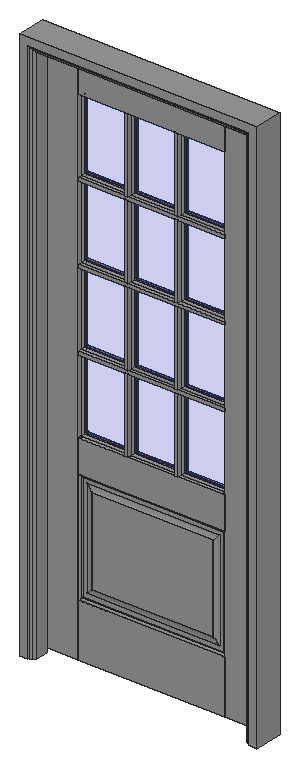
Revit family "I813G12", category Doors, host Wall, Revit 2013
Parameters (values of type "I813G12")
  Function = Interior
  Frame Projection Ext. = 25 mm
  Frame Projection Int. = 25 mm
  Frame Width = 75 mm
  Height = 2090 mm
  Wall Closure = By host
  Width = 889 mm
Reference planes
  plane 1: y = 0
  plane 2 "Center (Left/Right)": x = 0
  plane 3 "Left": x = -444.5
  plane 4 "Right": x = 444.5
  plane 5: z = 2090
  plane 6 "Exterior": y = 75
  plane 7 "Interior": y = -75
Forms (mm)
  Sweep 1, solid, material "Lauan, Meranti"
    path origin (0, 75, 0) x (1, 0, 0) y (0, 0, 1)
      loop
        line (444.5, 0) -> (444.5, 2090) -> (-444.5, 2090) -> (-444.5, 0)
    profile "Van Acht 105x50 Door Frame Routed Profile (Heavy) : Van Acht 105x50 Door Frame Routed Profile (Heavy)" origin (444.5, 75, 1045) x (-1, 0, 0) y (0, -1, 0)
      loop
        line (0, 22.5) -> (38, 22.5) -> (38, 67.5) -> (50, 67.5) -> (50, 112.5)
        arc (50, 112.5) -> (44.957, 114.29) -> (42.17, 118.859) r 8
        line (42.17, 118.859) -> (39, 118.859)
        arc (39, 118.859) -> (35.311, 122.973) -> (30, 124.5) r 10
        line (30, 124.5) -> (30, 127.5) -> (0, 127.5) -> (0, 22.5)
  Extrusion 2, solid, material "Lauan, Meranti"
    sketch origin (0, -85, 0) x (0, 1, 0) y (0, 0, 1)
      loop
        line (132.5, 20) -> (132.5, 221) -> (130.5, 221)
        arc (130.5, 221) -> (128.866, 225.67) -> (124.5, 228) r 6.807
        line (124.5, 228) -> (124.5, 230) -> (122.5, 230) -> (122.5, 215) -> (102.5, 215) -> (102.5, 230) -> (100.5, 230) -> (100.5, 228)
        arc (100.5, 228) -> (96.134, 225.67) -> (94.5, 221) r 6.807
        line (94.5, 221) -> (92.5, 221) -> (92.5, 20) -> (132.5, 20)
      loop
        line (132.5, 644) -> (132.5, 766) -> (130.5, 766)
        arc (130.5, 766) -> (128.866, 770.67) -> (124.5, 773) r 6.807
        line (124.5, 773) -> (124.5, 775) -> (122.5, 775) -> (122.5, 766) -> (92.5, 766) -> (92.5, 644) -> (94.5, 644)
        arc (94.5, 644) -> (96.134, 639.33) -> (100.5, 637) r 6.807
        line (100.5, 637) -> (100.5, 635) -> (102.5, 635) -> (102.5, 650) -> (122.5, 650) -> (122.5, 635) -> (124.5, 635) -> (124.5, 637)
        arc (124.5, 637) -> (128.866, 639.33) -> (130.5, 644) r 6.807
        line (130.5, 644) -> (132.5, 644)
      loop
        line (130.5, 1921) -> (132.5, 1921) -> (132.5, 2052) -> (92.5, 2052) -> (92.5, 1921) -> (122.5, 1921) -> (122.5, 1912) -> (124.5, 1912) -> (124.5, 1914)
        arc (124.5, 1914) -> (128.866, 1916.33) -> (130.5, 1921) r 6.807
    from -275.5 to 275.5
  Extrusion 3, solid, material "Lauan, Meranti"
    sketch origin (0, 0, 0) x (1, 0, 0) y (0, 1, 0)
      loop
        line (-406.5, 47.5) -> (-406.5, 7.5) -> (-275.5, 7.5) -> (-275.5, 9.5)
        arc (-275.5, 9.5) -> (-270.765, 11.06) -> (-268.5, 15.5) r 6.549
        line (-268.5, 15.5) -> (-266.5, 15.5) -> (-266.5, 17.5) -> (-281.5, 17.5) -> (-281.5, 37.5) -> (-266.5, 37.5) -> (-266.5, 39.5) -> (-268.5, 39.5)
        arc (-268.5, 39.5) -> (-270.765, 43.94) -> (-275.5, 45.5) r 6.549
        line (-275.5, 45.5) -> (-275.5, 47.5) -> (-406.5, 47.5)
      loop
        line (406.5, 47.5) -> (275.5, 47.5) -> (275.5, 45.5)
        arc (275.5, 45.5) -> (270.765, 43.94) -> (268.5, 39.5) r 6.549
        line (268.5, 39.5) -> (266.5, 39.5) -> (266.5, 37.5) -> (281.5, 37.5) -> (281.5, 17.5) -> (266.5, 17.5) -> (266.5, 15.5) -> (268.5, 15.5)
        arc (268.5, 15.5) -> (270.765, 11.06) -> (275.5, 9.5) r 6.549
        line (275.5, 9.5) -> (275.5, 7.5) -> (406.5, 7.5) -> (406.5, 47.5)
    from 20 to 766
  Extrusion 4, solid, material "Lauan, Meranti"
    sketch origin (0, 0, 0) x (1, 0, 0) y (0, 1, 0)
      loop
        line (-406.5, 47.5) -> (-406.5, 7.5) -> (-275.5, 7.5) -> (-275.5, 37.5) -> (-266.5, 37.5) -> (-266.5, 39.5) -> (-268.5, 39.5)
        arc (-268.5, 39.5) -> (-270.765, 43.94) -> (-275.5, 45.5) r 6.549
        line (-275.5, 45.5) -> (-275.5, 47.5) -> (-406.5, 47.5)
      loop
        line (406.5, 47.5) -> (275.5, 47.5) -> (275.5, 45.5)
        arc (275.5, 45.5) -> (270.765, 43.94) -> (268.5, 39.5) r 6.549
        line (268.5, 39.5) -> (266.5, 39.5) -> (266.5, 37.5) -> (275.5, 37.5) -> (275.5, 7.5) -> (406.5, 7.5) -> (406.5, 47.5)
    from 766 to 2052
  Extrusion 5, solid, material "Lauan, Meranti"
    sketch origin (-376.5, 55, 0) x (0, -1, 0) y (0, 0, -1)
      loop
        line (17.5, -1620) -> (15.5, -1620) -> (15.5, -1622)
        arc (15.5, -1622) -> (11.134, -1624.33) -> (9.5, -1629) r 6.807
        line (9.5, -1629) -> (7.5, -1629) -> (7.5, -1642) -> (9.5, -1642)
        arc (9.5, -1642) -> (11.134, -1646.67) -> (15.5, -1649) r 6.807
        line (15.5, -1649) -> (15.5, -1651) -> (17.5, -1651) -> (17.5, -1642) -> (47.5, -1642) -> (47.5, -1629) -> (17.5, -1629) -> (17.5, -1620)
      loop
        line (17.5, -1328) -> (15.5, -1328) -> (15.5, -1330)
        arc (15.5, -1330) -> (11.134, -1332.33) -> (9.5, -1337) r 6.807
        line (9.5, -1337) -> (7.5, -1337) -> (7.5, -1350) -> (9.5, -1350)
        arc (9.5, -1350) -> (11.134, -1354.67) -> (15.5, -1357) r 6.807
        line (15.5, -1357) -> (15.5, -1359) -> (17.5, -1359) -> (17.5, -1350) -> (47.5, -1350) -> (47.5, -1337) -> (17.5, -1337) -> (17.5, -1328)
      loop
        line (17.5, -1036) -> (15.5, -1036) -> (15.5, -1038)
        arc (15.5, -1038) -> (11.134, -1040.33) -> (9.5, -1045) r 6.807
        line (9.5, -1045) -> (7.5, -1045) -> (7.5, -1058) -> (9.5, -1058)
        arc (9.5, -1058) -> (11.134, -1062.67) -> (15.5, -1065) r 6.807
        line (15.5, -1065) -> (15.5, -1067) -> (17.5, -1067) -> (17.5, -1058) -> (47.5, -1058) -> (47.5, -1045) -> (17.5, -1045) -> (17.5, -1036)
    from 101 to 652
  Extrusion 6, solid, material "Lauan, Meranti"
    sketch origin (-129.357, 55, 1439.918) x (1, 0, 0) y (0, 1, 0)
      loop
        line (207.857, -17.5) -> (216.857, -17.5) -> (216.857, -47.5) -> (229.857, -47.5) -> (229.857, -17.5) -> (238.857, -17.5) -> (238.857, -15.5) -> (236.857, -15.5)
        arc (236.857, -15.5) -> (234.528, -11.134) -> (229.857, -9.5) r 6.807
        line (229.857, -9.5) -> (229.857, -7.5) -> (216.857, -7.5) -> (216.857, -9.5)
        arc (216.857, -9.5) -> (212.187, -11.134) -> (209.857, -15.5) r 6.807
        line (209.857, -15.5) -> (207.857, -15.5) -> (207.857, -17.5)
      loop
        line (50.857, -17.5) -> (50.857, -15.5) -> (48.857, -15.5)
        arc (48.857, -15.5) -> (46.528, -11.134) -> (41.857, -9.5) r 6.807
        line (41.857, -9.5) -> (41.857, -7.5) -> (28.857, -7.5) -> (28.857, -9.5)
        arc (28.857, -9.5) -> (24.187, -11.134) -> (21.857, -15.5) r 6.807
        line (21.857, -15.5) -> (19.857, -15.5) -> (19.857, -17.5) -> (28.857, -17.5) -> (28.857, -47.5) -> (41.857, -47.5) -> (41.857, -17.5) -> (50.857, -17.5)
    from 202.082 to 481.082
  Extrusion 7, solid, material "Glass"
    sketch origin (-239.333, 87, -73) x (1, 0, 0) y (0, 0, 1)
      loop
        line (514.833, 1994) -> (339.833, 1994) -> (339.833, 1715) -> (514.833, 1715) -> (514.833, 1994)
    from 49.5 to 57.5
  Sweep 8, solid, material "Lauan, Meranti"
    path origin (-216.012, -20, -73) x (1, 0, 0) y (0, 0, -1)
      loop
        line (491.512, -1994) -> (491.512, -1715) -> (316.5, -1715) -> (316.5, -1994) -> (491.512, -1994)
    profile origin (187.994, -20, 1921) x (0, 0, 1) y (0, 1, 0)
      loop
        line (-9, 49.5) -> (-9, 47.5) -> (-7, 47.5)
        arc (-7, 47.5) -> (-4.67, 43.134) -> (0, 41.5) r 6.807
        line (0, 41.5) -> (0, 49.5) -> (-9, 49.5)
  Sweep 9, solid, material "Lauan, Meranti"
    path origin (336.5, 75, 0) x (1, 0, 0) y (0, 0, 1)
      loop
        line (-61, 644) -> (-612, 644) -> (-612, 221) -> (-61, 221) -> (-61, 644)
    profile origin (0, 75, 644) x (0, 0, -1) y (0, -1, 0)
      loop
        line (-4.5, 57.5) -> (-4.5, 37.5) -> (25.727, 37.5)
        arc (25.727, 37.5) -> (37.468, 35.847) -> (48.5, 31.5) r 50.456
        line (48.5, 31.5) -> (48.5, 63.5)
        arc (48.5, 63.5) -> (37.468, 59.153) -> (25.727, 57.5) r 50.456
        line (25.727, 57.5) -> (-4.5, 57.5)
  Extrusion 10, solid, material "Lauan, Meranti"
    sketch origin (336.5, 75, 0) x (1, 0, 0) y (0, 0, 1)
      loop
        line (-109.5, 595.5) -> (-563.5, 595.5) -> (-563.5, 269.5) -> (-109.5, 269.5) -> (-109.5, 595.5)
    from 31.5 to 63.5
  Extrusion 11, solid, material "Glass"
    sketch origin (-427.333, 87, -73) x (1, 0, 0) y (0, 0, 1)
      loop
        line (514.833, 1994) -> (339.833, 1994) -> (339.833, 1715) -> (514.833, 1715) -> (514.833, 1994)
    from 49.5 to 57.5
  Sweep 12, solid, material "Lauan, Meranti"
    path origin (-404.012, -20, -73) x (1, 0, 0) y (0, 0, -1)
      loop
        line (491.512, -1994) -> (491.512, -1715) -> (316.5, -1715) -> (316.5, -1994) -> (491.512, -1994)
    profile origin (-0.006, -20, 1921) x (0, 0, 1) y (0, 1, 0)
      loop
        line (-9, 49.5) -> (-9, 47.5) -> (-7, 47.5)
        arc (-7, 47.5) -> (-4.67, 43.134) -> (0, 41.5) r 6.807
        line (0, 41.5) -> (0, 49.5) -> (-9, 49.5)
  Extrusion 13, solid, material "Glass"
    sketch origin (-615.333, 87, -73) x (1, 0, 0) y (0, 0, 1)
      loop
        line (514.833, 1994) -> (339.833, 1994) -> (339.833, 1715) -> (514.833, 1715) -> (514.833, 1994)
    from 49.5 to 57.5
  Sweep 14, solid, material "Lauan, Meranti"
    path origin (-592.012, -20, -73) x (1, 0, 0) y (0, 0, -1)
      loop
        line (491.512, -1994) -> (491.512, -1715) -> (316.5, -1715) -> (316.5, -1994) -> (491.512, -1994)
    profile origin (-188.006, -20, 1921) x (0, 0, 1) y (0, 1, 0)
      loop
        line (-9, 49.5) -> (-9, 47.5) -> (-7, 47.5)
        arc (-7, 47.5) -> (-4.67, 43.134) -> (0, 41.5) r 6.807
        line (0, 41.5) -> (0, 49.5) -> (-9, 49.5)
  Extrusion 15, solid, material "Lauan, Meranti"
    sketch origin (-129.357, 55, 1147.927) x (1, 0, 0) y (0, 1, 0)
      loop
        line (207.857, -17.5) -> (216.857, -17.5) -> (216.857, -47.5) -> (229.857, -47.5) -> (229.857, -17.5) -> (238.857, -17.5) -> (238.857, -15.5) -> (236.857, -15.5)
        arc (236.857, -15.5) -> (234.528, -11.134) -> (229.857, -9.5) r 6.807
        line (229.857, -9.5) -> (229.857, -7.5) -> (216.857, -7.5) -> (216.857, -9.5)
        arc (216.857, -9.5) -> (212.187, -11.134) -> (209.857, -15.5) r 6.807
        line (209.857, -15.5) -> (207.857, -15.5) -> (207.857, -17.5)
      loop
        line (50.857, -17.5) -> (50.857, -15.5) -> (48.857, -15.5)
        arc (48.857, -15.5) -> (46.528, -11.134) -> (41.857, -9.5) r 6.807
        line (41.857, -9.5) -> (41.857, -7.5) -> (28.857, -7.5) -> (28.857, -9.5)
        arc (28.857, -9.5) -> (24.187, -11.134) -> (21.857, -15.5) r 6.807
        line (21.857, -15.5) -> (19.857, -15.5) -> (19.857, -17.5) -> (28.857, -17.5) -> (28.857, -47.5) -> (41.857, -47.5) -> (41.857, -17.5) -> (50.857, -17.5)
    from 202.082 to 481.082
  Extrusion 16, solid, material "Glass"
    sketch origin (-239.333, 87, -364.99) x (1, 0, 0) y (0, 0, 1)
      loop
        line (514.833, 1994) -> (339.833, 1994) -> (339.833, 1715) -> (514.833, 1715) -> (514.833, 1994)
    from 49.5 to 57.5
  Sweep 17, solid, material "Lauan, Meranti"
    path origin (-216.012, -20, -364.99) x (1, 0, 0) y (0, 0, -1)
      loop
        line (491.512, -1994) -> (491.512, -1715) -> (316.5, -1715) -> (316.5, -1994) -> (491.512, -1994)
    profile origin (187.994, -20, 1629.01) x (0, 0, 1) y (0, 1, 0)
      loop
        line (-9, 49.5) -> (-9, 47.5) -> (-7, 47.5)
        arc (-7, 47.5) -> (-4.67, 43.134) -> (0, 41.5) r 6.807
        line (0, 41.5) -> (0, 49.5) -> (-9, 49.5)
  Extrusion 18, solid, material "Glass"
    sketch origin (-427.333, 87, -364.99) x (1, 0, 0) y (0, 0, 1)
      loop
        line (514.833, 1994) -> (339.833, 1994) -> (339.833, 1715) -> (514.833, 1715) -> (514.833, 1994)
    from 49.5 to 57.5
  Sweep 19, solid, material "Lauan, Meranti"
    path origin (-404.012, -20, -364.99) x (1, 0, 0) y (0, 0, -1)
      loop
        line (491.512, -1994) -> (491.512, -1715) -> (316.5, -1715) -> (316.5, -1994) -> (491.512, -1994)
    profile origin (-0.006, -20, 1629.01) x (0, 0, 1) y (0, 1, 0)
      loop
        line (-9, 49.5) -> (-9, 47.5) -> (-7, 47.5)
        arc (-7, 47.5) -> (-4.67, 43.134) -> (0, 41.5) r 6.807
        line (0, 41.5) -> (0, 49.5) -> (-9, 49.5)
  Extrusion 20, solid, material "Glass"
    sketch origin (-615.333, 87, -364.99) x (1, 0, 0) y (0, 0, 1)
      loop
        line (514.833, 1994) -> (339.833, 1994) -> (339.833, 1715) -> (514.833, 1715) -> (514.833, 1994)
    from 49.5 to 57.5
  Sweep 21, solid, material "Lauan, Meranti"
    path origin (-592.012, -20, -364.99) x (1, 0, 0) y (0, 0, -1)
      loop
        line (491.512, -1994) -> (491.512, -1715) -> (316.5, -1715) -> (316.5, -1994) -> (491.512, -1994)
    profile origin (-188.006, -20, 1629.01) x (0, 0, 1) y (0, 1, 0)
      loop
        line (-9, 49.5) -> (-9, 47.5) -> (-7, 47.5)
        arc (-7, 47.5) -> (-4.67, 43.134) -> (0, 41.5) r 6.807
        line (0, 41.5) -> (0, 49.5) -> (-9, 49.5)
  Extrusion 22, solid, material "Lauan, Meranti"
    sketch origin (-129.357, 55, 855.927) x (1, 0, 0) y (0, 1, 0)
      loop
        line (207.857, -17.5) -> (216.857, -17.5) -> (216.857, -47.5) -> (229.857, -47.5) -> (229.857, -17.5) -> (238.857, -17.5) -> (238.857, -15.5) -> (236.857, -15.5)
        arc (236.857, -15.5) -> (234.528, -11.134) -> (229.857, -9.5) r 6.807
        line (229.857, -9.5) -> (229.857, -7.5) -> (216.857, -7.5) -> (216.857, -9.5)
        arc (216.857, -9.5) -> (212.187, -11.134) -> (209.857, -15.5) r 6.807
        line (209.857, -15.5) -> (207.857, -15.5) -> (207.857, -17.5)
      loop
        line (50.857, -17.5) -> (50.857, -15.5) -> (48.857, -15.5)
        arc (48.857, -15.5) -> (46.528, -11.134) -> (41.857, -9.5) r 6.807
        line (41.857, -9.5) -> (41.857, -7.5) -> (28.857, -7.5) -> (28.857, -9.5)
        arc (28.857, -9.5) -> (24.187, -11.134) -> (21.857, -15.5) r 6.807
        line (21.857, -15.5) -> (19.857, -15.5) -> (19.857, -17.5) -> (28.857, -17.5) -> (28.857, -47.5) -> (41.857, -47.5) -> (41.857, -17.5) -> (50.857, -17.5)
    from 202.082 to 481.082
  Extrusion 23, solid, material "Glass"
    sketch origin (-239.333, 87, -656.99) x (1, 0, 0) y (0, 0, 1)
      loop
        line (514.833, 1994) -> (339.833, 1994) -> (339.833, 1715) -> (514.833, 1715) -> (514.833, 1994)
    from 49.5 to 57.5
  Sweep 24, solid, material "Lauan, Meranti"
    path origin (-216.012, -20, -656.99) x (1, 0, 0) y (0, 0, -1)
      loop
        line (491.512, -1994) -> (491.512, -1715) -> (316.5, -1715) -> (316.5, -1994) -> (491.512, -1994)
    profile origin (187.994, -20, 1337.01) x (0, 0, 1) y (0, 1, 0)
      loop
        line (-9, 49.5) -> (-9, 47.5) -> (-7, 47.5)
        arc (-7, 47.5) -> (-4.67, 43.134) -> (0, 41.5) r 6.807
        line (0, 41.5) -> (0, 49.5) -> (-9, 49.5)
  Extrusion 25, solid, material "Glass"
    sketch origin (-427.333, 87, -656.99) x (1, 0, 0) y (0, 0, 1)
      loop
        line (514.833, 1994) -> (339.833, 1994) -> (339.833, 1715) -> (514.833, 1715) -> (514.833, 1994)
    from 49.5 to 57.5
  Sweep 26, solid, material "Lauan, Meranti"
    path origin (-404.012, -20, -656.99) x (1, 0, 0) y (0, 0, -1)
      loop
        line (491.512, -1994) -> (491.512, -1715) -> (316.5, -1715) -> (316.5, -1994) -> (491.512, -1994)
    profile origin (-0.006, -20, 1337.01) x (0, 0, 1) y (0, 1, 0)
      loop
        line (-9, 49.5) -> (-9, 47.5) -> (-7, 47.5)
        arc (-7, 47.5) -> (-4.67, 43.134) -> (0, 41.5) r 6.807
        line (0, 41.5) -> (0, 49.5) -> (-9, 49.5)
  Extrusion 27, solid, material "Glass"
    sketch origin (-615.333, 87, -656.99) x (1, 0, 0) y (0, 0, 1)
      loop
        line (514.833, 1994) -> (339.833, 1994) -> (339.833, 1715) -> (514.833, 1715) -> (514.833, 1994)
    from 49.5 to 57.5
  Sweep 28, solid, material "Lauan, Meranti"
    path origin (-592.012, -20, -656.99) x (1, 0, 0) y (0, 0, -1)
      loop
        line (491.512, -1994) -> (491.512, -1715) -> (316.5, -1715) -> (316.5, -1994) -> (491.512, -1994)
    profile origin (-188.006, -20, 1337.01) x (0, 0, 1) y (0, 1, 0)
      loop
        line (-9, 49.5) -> (-9, 47.5) -> (-7, 47.5)
        arc (-7, 47.5) -> (-4.67, 43.134) -> (0, 41.5) r 6.807
        line (0, 41.5) -> (0, 49.5) -> (-9, 49.5)
  Extrusion 29, solid, material "Lauan, Meranti"
    sketch origin (-129.357, 55, 563.927) x (1, 0, 0) y (0, 1, 0)
      loop
        line (207.857, -17.5) -> (216.857, -17.5) -> (216.857, -47.5) -> (229.857, -47.5) -> (229.857, -17.5) -> (238.857, -17.5) -> (238.857, -15.5) -> (236.857, -15.5)
        arc (236.857, -15.5) -> (234.528, -11.134) -> (229.857, -9.5) r 6.807
        line (229.857, -9.5) -> (229.857, -7.5) -> (216.857, -7.5) -> (216.857, -9.5)
        arc (216.857, -9.5) -> (212.187, -11.134) -> (209.857, -15.5) r 6.807
        line (209.857, -15.5) -> (207.857, -15.5) -> (207.857, -17.5)
      loop
        line (50.857, -17.5) -> (50.857, -15.5) -> (48.857, -15.5)
        arc (48.857, -15.5) -> (46.528, -11.134) -> (41.857, -9.5) r 6.807
        line (41.857, -9.5) -> (41.857, -7.5) -> (28.857, -7.5) -> (28.857, -9.5)
        arc (28.857, -9.5) -> (24.187, -11.134) -> (21.857, -15.5) r 6.807
        line (21.857, -15.5) -> (19.857, -15.5) -> (19.857, -17.5) -> (28.857, -17.5) -> (28.857, -47.5) -> (41.857, -47.5) -> (41.857, -17.5) -> (50.857, -17.5)
    from 202.082 to 481.082
  Extrusion 30, solid, material "Glass"
    sketch origin (-239.333, 87, -948.99) x (1, 0, 0) y (0, 0, 1)
      loop
        line (514.833, 1994) -> (339.833, 1994) -> (339.833, 1715) -> (514.833, 1715) -> (514.833, 1994)
    from 49.5 to 57.5
  Sweep 31, solid, material "Lauan, Meranti"
    path origin (-216.012, -20, -948.99) x (1, 0, 0) y (0, 0, -1)
      loop
        line (491.512, -1994) -> (491.512, -1715) -> (316.5, -1715) -> (316.5, -1994) -> (491.512, -1994)
    profile origin (187.994, -20, 1045.01) x (0, 0, 1) y (0, 1, 0)
      loop
        line (-9, 49.5) -> (-9, 47.5) -> (-7, 47.5)
        arc (-7, 47.5) -> (-4.67, 43.134) -> (0, 41.5) r 6.807
        line (0, 41.5) -> (0, 49.5) -> (-9, 49.5)
  Extrusion 32, solid, material "Glass"
    sketch origin (-427.333, 87, -948.99) x (1, 0, 0) y (0, 0, 1)
      loop
        line (514.833, 1994) -> (339.833, 1994) -> (339.833, 1715) -> (514.833, 1715) -> (514.833, 1994)
    from 49.5 to 57.5
  Sweep 33, solid, material "Lauan, Meranti"
    path origin (-404.012, -20, -948.99) x (1, 0, 0) y (0, 0, -1)
      loop
        line (491.512, -1994) -> (491.512, -1715) -> (316.5, -1715) -> (316.5, -1994) -> (491.512, -1994)
    profile origin (-0.006, -20, 1045.01) x (0, 0, 1) y (0, 1, 0)
      loop
        line (-9, 49.5) -> (-9, 47.5) -> (-7, 47.5)
        arc (-7, 47.5) -> (-4.67, 43.134) -> (0, 41.5) r 6.807
        line (0, 41.5) -> (0, 49.5) -> (-9, 49.5)
  Extrusion 34, solid, material "Glass"
    sketch origin (-615.333, 87, -948.99) x (1, 0, 0) y (0, 0, 1)
      loop
        line (514.833, 1994) -> (339.833, 1994) -> (339.833, 1715) -> (514.833, 1715) -> (514.833, 1994)
    from 49.5 to 57.5
  Sweep 35, solid, material "Lauan, Meranti"
    path origin (-592.012, -20, -948.99) x (1, 0, 0) y (0, 0, -1)
      loop
        line (491.512, -1994) -> (491.512, -1715) -> (316.5, -1715) -> (316.5, -1994) -> (491.512, -1994)
    profile origin (-188.006, -20, 1045.01) x (0, 0, 1) y (0, 1, 0)
      loop
        line (-9, 49.5) -> (-9, 47.5) -> (-7, 47.5)
        arc (-7, 47.5) -> (-4.67, 43.134) -> (0, 41.5) r 6.807
        line (0, 41.5) -> (0, 49.5) -> (-9, 49.5)
Cuts and joins
  joined: Extrusion 3, Extrusion 4
Lines and regions (mm)
  Opening 1
    outline origin (-3050, -75, 0) x (1, 0, 0) y (0, 0, 1)
      loop
        line (2605.5, 0) -> (3494.5, 0) -> (3494.5, 2090) -> (2605.5, 2090) -> (2605.5, 0)
  symbolic lines, style "Elevation Swing"
    curve 1: line (444.5, -75, 1045) -> (-444.5, -75, 2090)
    curve 2: line (444.5, -75, 1045) -> (-444.5, -75, 0)
  model lines
    curve 3: line (406.5, 52.5, 0) -> (406.5, 865.5, 0)
    curve 4: arc (-406.5, 52.5, 0) -> (-168.378, 627.378, 0) -> (406.5, 865.5, 0) r 813
Text (mm)
  text "Exterior" at (-2295.016, 1099.543, 0), in view "Ref. Level"
  text "Exterior" at (0, 1615.38, 3698.081), in view "Left"
  text "Exterior" at (0, 1036.032, 3874.932), in view "Right"
Dimensions and locks
  equal spacing: plane 3 "Left", plane 2 "Center (Left/Right)", plane 4 "Right"
  "Width": plane 3 "Left" to plane 4 "Right"
  "Height": plane 5 to host wall
  equal spacing: host wall, curve 2, plane 5
  host wall to plane 5 = 2090 mm
  locked: plane 6 "Exterior" to host wall at 0
  locked: plane 7 "Interior" to host wall
  plane 3 "Left" to plane 4 "Right" = 889 mm
  Sweep 1 to Sweep 1 = 813 mm
  Extrusion 3 to Sweep 1 = 2032 mm
  aligned and locked: plane 3 "Left" to Opening 1 sketch curve
  aligned and locked: plane 5 to Opening 1 sketch curve  (x2)
  aligned and locked: Opening 1 sketch curve to plane 4 "Right"
  aligned and locked: Opening 1 sketch curve to level
  aligned and locked: plane 5 to curve 1
  aligned and locked: plane 3 "Left" to curve 2
  aligned and locked: plane 1 to host wall
  aligned and locked: plane 3 "Left" to curve 1
Automatic sketch dimensions
  plane 4 "Right" to curve 2 = 0 mm
  curve 2 to level = 0 mm
  plane 3 "Left" to Sweep 1 sketch curve = 0 mm
  plane 4 "Right" to Sweep 1 sketch curve = 0 mm
  Sweep 1 sketch curve to plane 5 = 0 mm
  Sweep 1 sketch curve to level = 0 mm  (x2)
  Extrusion 2 sketch curve to host wall = 7.5 mm  (x3)
  level to Extrusion 2 sketch curve = 20 mm
  Extrusion 2 sketch curve to Extrusion 2 sketch curve = 2 mm  (x17)
  Extrusion 2 sketch curve to Extrusion 2 sketch curve = 6 mm  (x6)
  Extrusion 2 sketch curve to Extrusion 2 sketch curve = 30 mm  (x2)
  Extrusion 2 sketch curve to Extrusion 2 sketch curve = 20 mm  (x2)
  Extrusion 2 sketch curve to Extrusion 2 sketch curve = 8 mm  (x2)
  Extrusion 2 sketch curve to Extrusion 2 sketch curve = 1.197 mm  (x6)
  Extrusion 2 sketch curve to Extrusion 2 sketch curve = 195 mm
  Extrusion 2 sketch curve to Extrusion 2 sketch curve = 7 mm  (x6)
  Extrusion 2 sketch curve to Extrusion 2 sketch curve = 405 mm
  Extrusion 2 sketch curve to Extrusion 2 sketch curve = 0 mm  (x2)
  Extrusion 2 sketch curve to Extrusion 2 sketch curve = 6.241 mm
  Extrusion 2 sketch curve to Extrusion 2 sketch curve = 116 mm
  plane 5 to Extrusion 2 sketch curve = 178 mm
  Extrusion 2 sketch curve to Extrusion 2 sketch curve = 0.241 mm
  plane 5 to Extrusion 2 sketch curve = 38 mm
  Extrusion 3 sketch curve to host wall = 7.5 mm  (x2)
  Extrusion 3 sketch curve to plane 3 "Left" = 38 mm
  Extrusion 3 sketch curve to host wall = 37.5 mm  (x2)
  Extrusion 3 sketch curve to Extrusion 3 sketch curve = 125 mm
  Extrusion 3 sketch curve to Extrusion 3 sketch curve = 6 mm  (x7)
  Extrusion 3 sketch curve to Extrusion 3 sketch curve = 7 mm  (x4)
  Extrusion 3 sketch curve to Extrusion 3 sketch curve = 2 mm  (x11)
  plane 4 "Right" to Extrusion 3 sketch curve = 178 mm
  Extrusion 3 sketch curve to Extrusion 3 sketch curve = 0 mm
  plane 4 "Right" to Extrusion 3 sketch curve = 38 mm
  Extrusion 3 sketch curve to Extrusion 3 sketch curve = 0.473 mm  (x3)
  Extrusion 3 sketch curve to Extrusion 3 sketch curve = 6.527 mm
  Extrusion 3 sketch curve to Extrusion 3 sketch curve = 1.468 mm
  plane 4 "Right" to curve 3 = 38 mm
  host wall to curve 3 = 790.5 mm
  curve 4 to host wall = 22.5 mm
  curve 3 to curve 4 = 0 mm
  Extrusion 4 sketch curve to host wall = 7.5 mm  (x2)
  Extrusion 4 sketch curve to plane 3 "Left" = 38 mm
  Extrusion 4 sketch curve to host wall = 37.5 mm  (x2)
  Extrusion 4 sketch curve to Extrusion 4 sketch curve = 131 mm
  Extrusion 4 sketch curve to Extrusion 4 sketch curve = 0 mm
  Extrusion 4 sketch curve to Extrusion 4 sketch curve = 7 mm  (x2)
  Extrusion 4 sketch curve to Extrusion 4 sketch curve = 2 mm  (x5)
  plane 4 "Right" to Extrusion 4 sketch curve = 178 mm
  Extrusion 4 sketch curve to Extrusion 4 sketch curve = 9 mm
  plane 4 "Right" to Extrusion 4 sketch curve = 38 mm
  Extrusion 4 sketch curve to Extrusion 4 sketch curve = 0.473 mm  (x2)
  Extrusion 4 sketch curve to Extrusion 4 sketch curve = 8 mm  (x2)
  Extrusion 4 sketch curve to host wall = 27.5 mm
  Extrusion 5 sketch curve to host wall = 27.5 mm  (x2)
  Extrusion 5 sketch curve to host wall = 35.5 mm
  plane 5 to Extrusion 5 sketch curve = 439 mm
  Extrusion 5 sketch curve to Extrusion 5 sketch curve = 8 mm
  Extrusion 5 sketch curve to Extrusion 5 sketch curve = 2 mm  (x18)
  Extrusion 5 sketch curve to Extrusion 5 sketch curve = 6 mm  (x5)
  Extrusion 5 sketch curve to host wall = 7.5 mm  (x3)
  Extrusion 5 sketch curve to Extrusion 5 sketch curve = 1.197 mm  (x6)
  Extrusion 5 sketch curve to Extrusion 5 sketch curve = 7 mm  (x6)
  Extrusion 5 sketch curve to Extrusion 5 sketch curve = 0.241 mm  (x2)
  Extrusion 5 sketch curve to Extrusion 5 sketch curve = 13 mm  (x3)
  Extrusion 5 sketch curve to Extrusion 5 sketch curve = 0 mm  (x4)
  Extrusion 5 sketch curve to Extrusion 5 sketch curve = 261 mm  (x2)
  Extrusion 6 sketch curve to host wall = 37.5 mm  (x2)
  Extrusion 6 sketch curve to plane 2 "Center (Left/Right)" = 109.5 mm
  Extrusion 6 sketch curve to host wall = 7.5 mm  (x2)
  Extrusion 6 sketch curve to Extrusion 6 sketch curve = 2 mm  (x10)
  Extrusion 6 sketch curve to Extrusion 6 sketch curve = 7 mm  (x3)
  Extrusion 6 sketch curve to Extrusion 6 sketch curve = 0 mm  (x6)
  Extrusion 6 sketch curve to Extrusion 6 sketch curve = 13 mm  (x2)
  plane 2 "Center (Left/Right)" to Extrusion 6 sketch curve = 78.5 mm
  Extrusion 6 sketch curve to Extrusion 6 sketch curve = 9 mm
  Extrusion 6 sketch curve to Extrusion 6 sketch curve = 0.241 mm  (x4)
  Extrusion 6 sketch curve to Extrusion 6 sketch curve = 8 mm  (x4)
  plane 2 "Center (Left/Right)" to Extrusion 7 sketch curve = 100.5 mm
  plane 4 "Right" to Extrusion 7 sketch curve = 169 mm
  plane 5 to Extrusion 7 sketch curve = 448 mm
  plane 5 to Extrusion 7 sketch curve = 169 mm
  plane 2 "Center (Left/Right)" to Sweep 8 sketch curve = 100.488 mm
  plane 5 to Sweep 8 sketch curve = 169 mm
  plane 4 "Right" to Sweep 8 sketch curve = 169 mm
  Sweep 8 sketch curve to Sweep 8 sketch curve = 279 mm
  profile plane to Sweep 8 sketch curve = 0 mm
  profile plane to Sweep 8 sketch curve = 41.5 mm
  profile plane to Sweep 8 sketch curve = 7 mm
  Sweep 8 sketch curve to Sweep 8 sketch curve = 2 mm  (x2)
  profile plane to Sweep 8 sketch curve = 0.241 mm
  Sweep 8 sketch curve to Sweep 8 sketch curve = 6 mm
  Sweep 9 sketch curve to plane 3 "Left" = 169 mm
  level to Sweep 9 sketch curve = 221 mm
  plane 4 "Right" to Sweep 9 sketch curve = 169 mm
  Sweep 9 sketch curve to Sweep 9 sketch curve = 423 mm
  profile plane to Sweep 9 sketch curve = 4.5 mm
  plane 6 "Exterior" to Sweep 9 sketch curve = 31.5 mm
  Sweep 9 sketch curve to profile plane = 25.727 mm
  Sweep 9 sketch curve to Sweep 9 sketch curve = 0 mm
  Sweep 9 sketch curve to Sweep 9 sketch curve = 22.773 mm
  Sweep 9 sketch curve to profile plane = 24.613 mm  (x2)
  plane 6 "Exterior" to Sweep 9 sketch curve = 37.5 mm
  Sweep 9 sketch curve to Sweep 9 sketch curve = 20 mm
  Sweep 9 sketch curve to Sweep 9 sketch curve = 6 mm
  Extrusion 10 sketch curve to plane 3 "Left" = 217.5 mm
  level to Extrusion 10 sketch curve = 269.5 mm
  plane 4 "Right" to Extrusion 10 sketch curve = 217.5 mm
  Extrusion 10 sketch curve to Extrusion 10 sketch curve = 326 mm
  Extrusion 11 sketch curve to plane 2 "Center (Left/Right)" = 87.5 mm
  plane 2 "Center (Left/Right)" to Extrusion 11 sketch curve = 87.5 mm
  plane 5 to Extrusion 11 sketch curve = 448 mm
  plane 5 to Extrusion 11 sketch curve = 169 mm
  Sweep 12 sketch curve to plane 2 "Center (Left/Right)" = 87.512 mm
  plane 5 to Sweep 12 sketch curve = 169 mm
  plane 2 "Center (Left/Right)" to Sweep 12 sketch curve = 87.5 mm
  Sweep 12 sketch curve to Sweep 12 sketch curve = 279 mm
  profile plane to Sweep 12 sketch curve = 0 mm
  profile plane to Sweep 12 sketch curve = 41.5 mm
  profile plane to Sweep 12 sketch curve = 7 mm
  Sweep 12 sketch curve to Sweep 12 sketch curve = 2 mm  (x2)
  profile plane to Sweep 12 sketch curve = 0.241 mm
  Sweep 12 sketch curve to Sweep 12 sketch curve = 6 mm
  Extrusion 13 sketch curve to plane 3 "Left" = 169 mm
  Extrusion 13 sketch curve to plane 2 "Center (Left/Right)" = 100.5 mm
  plane 5 to Extrusion 13 sketch curve = 448 mm
  plane 5 to Extrusion 13 sketch curve = 169 mm
  Sweep 14 sketch curve to plane 3 "Left" = 168.988 mm
  plane 5 to Sweep 14 sketch curve = 169 mm
  Sweep 14 sketch curve to plane 2 "Center (Left/Right)" = 100.5 mm
  Sweep 14 sketch curve to Sweep 14 sketch curve = 279 mm
  profile plane to Sweep 14 sketch curve = 0 mm
  profile plane to Sweep 14 sketch curve = 41.5 mm
  profile plane to Sweep 14 sketch curve = 7 mm
  Sweep 14 sketch curve to Sweep 14 sketch curve = 2 mm  (x2)
  profile plane to Sweep 14 sketch curve = 0.241 mm
  Sweep 14 sketch curve to Sweep 14 sketch curve = 6 mm
  Extrusion 15 sketch curve to host wall = 37.5 mm  (x2)
  Extrusion 15 sketch curve to plane 2 "Center (Left/Right)" = 109.5 mm
  Extrusion 15 sketch curve to host wall = 7.5 mm  (x2)
  Extrusion 15 sketch curve to Extrusion 15 sketch curve = 2 mm  (x10)
  Extrusion 15 sketch curve to Extrusion 15 sketch curve = 7 mm  (x3)
  Extrusion 15 sketch curve to Extrusion 15 sketch curve = 0 mm  (x6)
  Extrusion 15 sketch curve to Extrusion 15 sketch curve = 13 mm  (x2)
  plane 2 "Center (Left/Right)" to Extrusion 15 sketch curve = 78.5 mm
  Extrusion 15 sketch curve to Extrusion 15 sketch curve = 9 mm
  Extrusion 15 sketch curve to Extrusion 15 sketch curve = 0.241 mm  (x4)
  Extrusion 15 sketch curve to Extrusion 15 sketch curve = 8 mm  (x4)
  plane 2 "Center (Left/Right)" to Extrusion 16 sketch curve = 100.5 mm
  plane 4 "Right" to Extrusion 16 sketch curve = 169 mm
  plane 5 to Extrusion 16 sketch curve = 739.99 mm
  Extrusion 16 sketch curve to Extrusion 16 sketch curve = 279 mm
  plane 2 "Center (Left/Right)" to Sweep 17 sketch curve = 100.488 mm
  plane 5 to Sweep 17 sketch curve = 460.99 mm
  plane 4 "Right" to Sweep 17 sketch curve = 169 mm
  Sweep 17 sketch curve to Sweep 17 sketch curve = 279 mm
  profile plane to Sweep 17 sketch curve = 0 mm
  profile plane to Sweep 17 sketch curve = 41.5 mm
  profile plane to Sweep 17 sketch curve = 7 mm
  Sweep 17 sketch curve to Sweep 17 sketch curve = 2 mm  (x2)
  profile plane to Sweep 17 sketch curve = 0.241 mm
  Sweep 17 sketch curve to Sweep 17 sketch curve = 6 mm
  Extrusion 18 sketch curve to plane 2 "Center (Left/Right)" = 87.5 mm
  plane 2 "Center (Left/Right)" to Extrusion 18 sketch curve = 87.5 mm
  plane 5 to Extrusion 18 sketch curve = 739.99 mm
  Extrusion 18 sketch curve to Extrusion 18 sketch curve = 279 mm
  Sweep 19 sketch curve to plane 2 "Center (Left/Right)" = 87.512 mm
  plane 5 to Sweep 19 sketch curve = 460.99 mm
  plane 2 "Center (Left/Right)" to Sweep 19 sketch curve = 87.5 mm
  Sweep 19 sketch curve to Sweep 19 sketch curve = 279 mm
  profile plane to Sweep 19 sketch curve = 0 mm
  profile plane to Sweep 19 sketch curve = 41.5 mm
  profile plane to Sweep 19 sketch curve = 7 mm
  Sweep 19 sketch curve to Sweep 19 sketch curve = 2 mm  (x2)
  profile plane to Sweep 19 sketch curve = 0.241 mm
  Sweep 19 sketch curve to Sweep 19 sketch curve = 6 mm
  Extrusion 20 sketch curve to plane 3 "Left" = 169 mm
  Extrusion 20 sketch curve to plane 2 "Center (Left/Right)" = 100.5 mm
  plane 5 to Extrusion 20 sketch curve = 739.99 mm
  Extrusion 20 sketch curve to Extrusion 20 sketch curve = 279 mm
  Sweep 21 sketch curve to plane 3 "Left" = 168.988 mm
  plane 5 to Sweep 21 sketch curve = 460.99 mm
  Sweep 21 sketch curve to plane 2 "Center (Left/Right)" = 100.5 mm
  Sweep 21 sketch curve to Sweep 21 sketch curve = 279 mm
  profile plane to Sweep 21 sketch curve = 0 mm
  profile plane to Sweep 21 sketch curve = 41.5 mm
  profile plane to Sweep 21 sketch curve = 7 mm
  Sweep 21 sketch curve to Sweep 21 sketch curve = 2 mm  (x2)
  profile plane to Sweep 21 sketch curve = 0.241 mm
  Sweep 21 sketch curve to Sweep 21 sketch curve = 6 mm
  Extrusion 22 sketch curve to host wall = 37.5 mm  (x2)
  Extrusion 22 sketch curve to plane 2 "Center (Left/Right)" = 109.5 mm
  Extrusion 22 sketch curve to host wall = 7.5 mm  (x2)
  Extrusion 22 sketch curve to Extrusion 22 sketch curve = 2 mm  (x10)
  Extrusion 22 sketch curve to Extrusion 22 sketch curve = 7 mm  (x3)
  Extrusion 22 sketch curve to Extrusion 22 sketch curve = 0 mm  (x6)
  Extrusion 22 sketch curve to Extrusion 22 sketch curve = 13 mm  (x2)
  plane 2 "Center (Left/Right)" to Extrusion 22 sketch curve = 78.5 mm
  Extrusion 22 sketch curve to Extrusion 22 sketch curve = 9 mm
  Extrusion 22 sketch curve to Extrusion 22 sketch curve = 0.241 mm  (x4)
  Extrusion 22 sketch curve to Extrusion 22 sketch curve = 8 mm  (x4)
  plane 2 "Center (Left/Right)" to Extrusion 23 sketch curve = 100.5 mm
  plane 4 "Right" to Extrusion 23 sketch curve = 169 mm
  plane 5 to Extrusion 23 sketch curve = 1031.99 mm
  Extrusion 23 sketch curve to Extrusion 23 sketch curve = 279 mm
  plane 2 "Center (Left/Right)" to Sweep 24 sketch curve = 100.488 mm
  plane 5 to Sweep 24 sketch curve = 752.99 mm
  plane 4 "Right" to Sweep 24 sketch curve = 169 mm
  Sweep 24 sketch curve to Sweep 24 sketch curve = 279 mm
  profile plane to Sweep 24 sketch curve = 0 mm
  profile plane to Sweep 24 sketch curve = 41.5 mm
  profile plane to Sweep 24 sketch curve = 7 mm
  Sweep 24 sketch curve to Sweep 24 sketch curve = 2 mm  (x2)
  profile plane to Sweep 24 sketch curve = 0.241 mm
  Sweep 24 sketch curve to Sweep 24 sketch curve = 6 mm
  Extrusion 25 sketch curve to plane 2 "Center (Left/Right)" = 87.5 mm
  plane 2 "Center (Left/Right)" to Extrusion 25 sketch curve = 87.5 mm
  plane 5 to Extrusion 25 sketch curve = 1031.99 mm
  Extrusion 25 sketch curve to Extrusion 25 sketch curve = 279 mm
  Sweep 26 sketch curve to plane 2 "Center (Left/Right)" = 87.512 mm
  plane 5 to Sweep 26 sketch curve = 752.99 mm
  plane 2 "Center (Left/Right)" to Sweep 26 sketch curve = 87.5 mm
  Sweep 26 sketch curve to Sweep 26 sketch curve = 279 mm
  profile plane to Sweep 26 sketch curve = 0 mm
  profile plane to Sweep 26 sketch curve = 41.5 mm
  profile plane to Sweep 26 sketch curve = 7 mm
  Sweep 26 sketch curve to Sweep 26 sketch curve = 2 mm  (x2)
  profile plane to Sweep 26 sketch curve = 0.241 mm
  Sweep 26 sketch curve to Sweep 26 sketch curve = 6 mm
  Extrusion 27 sketch curve to plane 3 "Left" = 169 mm
  Extrusion 27 sketch curve to plane 2 "Center (Left/Right)" = 100.5 mm
  plane 5 to Extrusion 27 sketch curve = 1031.99 mm
  Extrusion 27 sketch curve to Extrusion 27 sketch curve = 279 mm
  Sweep 28 sketch curve to plane 3 "Left" = 168.988 mm
  plane 5 to Sweep 28 sketch curve = 752.99 mm
  Sweep 28 sketch curve to plane 2 "Center (Left/Right)" = 100.5 mm
  Sweep 28 sketch curve to Sweep 28 sketch curve = 279 mm
  profile plane to Sweep 28 sketch curve = 0 mm
  profile plane to Sweep 28 sketch curve = 41.5 mm
  profile plane to Sweep 28 sketch curve = 7 mm
  Sweep 28 sketch curve to Sweep 28 sketch curve = 2 mm  (x2)
  profile plane to Sweep 28 sketch curve = 0.241 mm
  Sweep 28 sketch curve to Sweep 28 sketch curve = 6 mm
  Extrusion 29 sketch curve to host wall = 37.5 mm  (x2)
  Extrusion 29 sketch curve to plane 2 "Center (Left/Right)" = 109.5 mm
  Extrusion 29 sketch curve to host wall = 7.5 mm  (x2)
  Extrusion 29 sketch curve to Extrusion 29 sketch curve = 2 mm  (x10)
  Extrusion 29 sketch curve to Extrusion 29 sketch curve = 7 mm  (x3)
  Extrusion 29 sketch curve to Extrusion 29 sketch curve = 0 mm  (x6)
  Extrusion 29 sketch curve to Extrusion 29 sketch curve = 13 mm  (x2)
  plane 2 "Center (Left/Right)" to Extrusion 29 sketch curve = 78.5 mm
  Extrusion 29 sketch curve to Extrusion 29 sketch curve = 9 mm
  Extrusion 29 sketch curve to Extrusion 29 sketch curve = 0.241 mm  (x4)
  Extrusion 29 sketch curve to Extrusion 29 sketch curve = 8 mm  (x4)
  plane 2 "Center (Left/Right)" to Extrusion 30 sketch curve = 100.5 mm
  plane 4 "Right" to Extrusion 30 sketch curve = 169 mm
  level to Extrusion 30 sketch curve = 766.01 mm
  Extrusion 30 sketch curve to Extrusion 30 sketch curve = 279 mm
  plane 2 "Center (Left/Right)" to Sweep 31 sketch curve = 100.488 mm
  plane 5 to Sweep 31 sketch curve = 1044.99 mm
  plane 4 "Right" to Sweep 31 sketch curve = 169 mm
  Sweep 31 sketch curve to Sweep 31 sketch curve = 279 mm
  profile plane to Sweep 31 sketch curve = 0 mm
  profile plane to Sweep 31 sketch curve = 41.5 mm
  profile plane to Sweep 31 sketch curve = 7 mm
  Sweep 31 sketch curve to Sweep 31 sketch curve = 2 mm  (x2)
  profile plane to Sweep 31 sketch curve = 0.241 mm
  Sweep 31 sketch curve to Sweep 31 sketch curve = 6 mm
  Extrusion 32 sketch curve to plane 2 "Center (Left/Right)" = 87.5 mm
  plane 2 "Center (Left/Right)" to Extrusion 32 sketch curve = 87.5 mm
  level to Extrusion 32 sketch curve = 766.01 mm
  Extrusion 32 sketch curve to Extrusion 32 sketch curve = 279 mm
  Sweep 33 sketch curve to plane 2 "Center (Left/Right)" = 87.512 mm
  plane 5 to Sweep 33 sketch curve = 1044.99 mm
  plane 2 "Center (Left/Right)" to Sweep 33 sketch curve = 87.5 mm
  Sweep 33 sketch curve to Sweep 33 sketch curve = 279 mm
  profile plane to Sweep 33 sketch curve = 0 mm
  profile plane to Sweep 33 sketch curve = 41.5 mm
  profile plane to Sweep 33 sketch curve = 7 mm
  Sweep 33 sketch curve to Sweep 33 sketch curve = 2 mm  (x2)
  profile plane to Sweep 33 sketch curve = 0.241 mm
  Sweep 33 sketch curve to Sweep 33 sketch curve = 6 mm
  Extrusion 34 sketch curve to plane 3 "Left" = 169 mm
  Extrusion 34 sketch curve to plane 2 "Center (Left/Right)" = 100.5 mm
  level to Extrusion 34 sketch curve = 766.01 mm
  Extrusion 34 sketch curve to Extrusion 34 sketch curve = 279 mm
  Sweep 35 sketch curve to plane 3 "Left" = 168.988 mm
  plane 5 to Sweep 35 sketch curve = 1044.99 mm
  Sweep 35 sketch curve to plane 2 "Center (Left/Right)" = 100.5 mm
  Sweep 35 sketch curve to Sweep 35 sketch curve = 279 mm
  profile plane to Sweep 35 sketch curve = 0 mm
  profile plane to Sweep 35 sketch curve = 41.5 mm
  profile plane to Sweep 35 sketch curve = 7 mm
  Sweep 35 sketch curve to Sweep 35 sketch curve = 2 mm  (x2)
  profile plane to Sweep 35 sketch curve = 0.241 mm
  Sweep 35 sketch curve to Sweep 35 sketch curve = 6 mm
